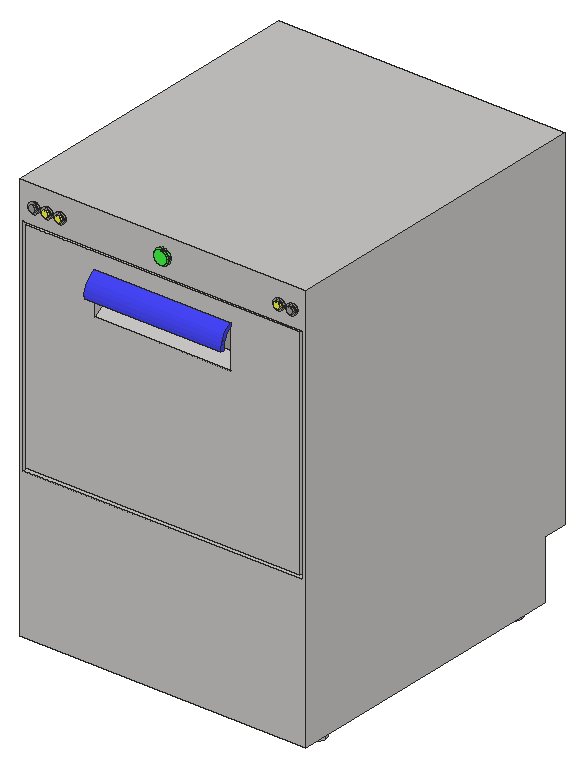
Revit family "QF_ZANUSSI_402278_ZXSP", category Specialty Equipment, Revit 2018
Family settings
  Round Connector Dimension = Use Diameter
  Part Type = Normal
  Work Plane-Based = No
  Always vertical = Yes
  Cut with Voids When Loaded = No
  Shared = No
  Room Calculation Point = No
Parameters (values of type "Standard")
  Weight = 34.50 kg
  Watts = 0 W
  Volts = 220 V
  URL Manufacturer = "http://professional.electrolux.com"
  URL = "http://professional.electrolux.com"
  Steam Supply Size = 0 mm
  Steam Supply Minimum Pressure = 0.0 Pa
  Steam Supply Maximum Pressure = 0.0 Pa
  Steam Pounds per Hour = 0
  Show Logo [instance] = yes
  Show Clearance [instance] = yes
  Refrigeration Suction Line Size = 0 mm
  Refrigeration Liquid Line Size = 0 mm
  Refrigerant Compressor Remote = yes
  Manufacturer = "Electrolux Professional"
  Phase = 1
  Model = "EXSP"
  Length Actual = 440 mm  # constant formula
  Item Number = "402274"
  Hot Water Size = 0 mm
  Height Actual = 640 mm  # constant formula
  HP = "3.6 HP"
  Gas Size = 0 mm
  Gas KW = 0
  Gas Input Pressure = 0 W
  Direct Waste Size = 29 mm
  Description = "GLASSWASHER(XS), SINGLE SKIN, DRAIN PUMP, 30B/H"
  Depth Actual = 497 mm  # constant formula
  Cycle = 50 Hz
  Condensate Return Size = 0 mm
  Compressed Air Volume = 0.0 L/s
  Compressed Air Size = 0 mm
  Compressed Air Pressure = 0.0 Pa
  Cold Water Size = 19.05 mm
  Accessory = yes
Types (2, lengths in mm): name | URL | Manufacturer | Phase | Model | Description | Cold Water Size
  (no name) | "http://professional.electrolux.com/" | 0 | 0 | 0 | 0 | 0
  Standard | "http://professional.electrolux.com" | "Electrolux Professional" | 1 | "EXSP" | "GLASSWASHER(XS), SINGLE SKIN, DRAIN PUMP, 30B/H" | 19.05
Values of the unnamed type that differ from the named types
  Volts = 0 V
  URL Manufacturer = ""
  Item Number = ""
  Cycle = 0 Hz
Reference planes
  plane 1 "Center (Front/Back)": y = 0
  plane 2: z = 0
  plane 3 "Center (Left/Right)": x = 0
  plane 4 "LEFT": x = -220
  plane 5 "RIGHT": x = 220
  plane 6 "FRONT": y = -248.5
  plane 7 "BACK": y = 248.5
  plane 8: z = 640
  plane 9: z = 10
  plane 10: y = 209.5
Forms (mm)
  Extrusion 1, solid, material "QF_Finishes_Stainless Steel"
    sketch origin (0, 0, 0) x (1, 0, 0) y (0, 1, 0)
      loop
        line (-220, -248.5) -> (220, -248.5) -> (220, 209.5) -> (-220, 209.5) -> (-220, -248.5)
    from 10 to 640
  Extrusion 2, solid, material "QF_Finishes_Stainless Steel"
    sketch origin (0, 0, 0) x (1, 0, 0) y (0, 1, 0)
      loop
        line (-220, 209.5) -> (220, 209.5) -> (220, 248.5) -> (-220, 248.5) -> (-220, 209.5)
    from 100 to 640
  Extrusion 3, solid, material "QF_Finishes_Stainless Steel"
    sketch origin (0, 0, 0) x (1, 0, 0) y (0, 1, 0)
      loop
        circle (-200.5, 174.5) r 12.5
      loop
        circle (200.5, 174.5) r 12.5
      loop
        circle (-200.5, -201.5) r 12.5
      loop
        circle (200.5, -201.5) r 12.5
    from 0 to 10
  Extrusion 4, void
    sketch origin (-220, -248.5, 0) x (-1, 0, 0) y (0, 0, 1)
      loop
        line (-5, 583.217) -> (-435, 583.217) -> (-435, 240) -> (-5, 240) -> (-5, 583.217)
    from 0 to 30
  Extrusion 5, solid, material "QF_Finishes_Stainless Steel"
    sketch origin (-155, -431, 752) x (0, 0, -1) y (1, 0, 0)
      loop
        circle (693, 223) r 10
    from -640.5 to -679.5
  Extrusion 6, solid, material "QF_Door-Drawer Clearances", visible <- "Show Clearance", detail levels coarse
    sketch origin (-230, -282.5, 0) x (0, 1, 0) y (0, 0, -1)
      loop
        line (34, -245) -> (-259, -245)
        arc (-259, -245) -> (-178.223, -469.983) -> (34, -580) r 327.223
        line (34, -580) -> (34, -245)
    from -20 to -440
  Extrusion 7, solid, material "QF_Finishes_Stainless Steel"
    sketch origin (-434.481, -431, 722) x (0, 0, -1) y (1, 0, 0)
      loop
        circle (663, 332.481) r 8
    from -640.5 to -679.5
  Extrusion 8, solid, material "QF_Finishes_Stainless Steel"
    sketch origin (-230, -282.5, 0) x (0, 1, 0) y (0, 0, -1)
      loop
        line (34, -245) -> (34, -580) -> (59, -580) -> (59, -245) -> (34, -245)
    from -19.799 to -440
  Extrusion 9, solid, material "QF_Finishes_Stainless Steel"
    sketch origin (-275, -431, 682.5) x (0, 0, -1) y (1, 0, 0)
      loop
        circle (663, 238) r 8
    from -640.5 to -679.5
  Extrusion 10, solid, material "QF_Finishes_Green"
    sketch origin (-230, -248.5, 0) x (1, 0, 0) y (0, 0, 1)
      loop
        circle (230, 610.819) r 12
      loop
        circle (230, 610.819) r 10
    from 0 to 2.5
  Extrusion 11, void
    sketch origin (-225.452, 209.5, 42.5) x (0, 1, 0) y (0, 0, 1)
      loop
        line (-458, 508.217) -> (-458, 447.5) -> (-436.349, 460) -> (-458, 508.217)
    from 120.452 to 330.452
  Extrusion 12, solid, material "QF_Finishes_Blue"
    sketch origin (-220, 209.5, 0) x (0, -1, 0) y (0, 0, 1)
      loop
        line (458, 555.863) -> (458, 550.513)
        arc (458, 550.513) -> (469.966, 539.801) -> (472.861, 524.005) r 24.803
        line (472.861, 524.005) -> (477.907, 524.005)
        arc (477.907, 524.005) -> (473.605, 543.465) -> (458, 555.863) r 29.803
    from -325 to -115
  Extrusion 13, solid, material "QF_Finishes_Green"
    sketch origin (234, -248.5, -28.75) x (-1, 0, 0) y (0, 0, -1)
      loop
        circle (234, -639.569) r 10
    from 0 to 5
  Extrusion 14, solid, material "QF_Finishes_Gray"
    sketch origin (109.577, -248.5, -30.575) x (-1, 0, 0) y (0, 0, -1)
      loop
        circle (306.936, -638.972) r 5
    from 0 to 5
  Extrusion 15, solid, material "QF_Finishes_Gray"
    sketch origin (-63.82, -248.5, -35.2) x (1, 0, 0) y (0, 0, 1)
      loop
        circle (262.936, 643.347) r 8
      loop
        circle (262.936, 643.347) r 5
      loop
        circle (242.936, 643.347) r 8
      loop
        circle (242.936, 643.347) r 5
    from 0 to 2.5
  Extrusion 16, solid, material "QF_Finishes_Gray"
    sketch origin (-87.82, -248.5, -30.825) x (1, 0, 0) y (0, 0, 1)
      loop
        circle (286.936, 638.972) r 5
    from 0 to 5
  Extrusion 17, solid, material "QF_Finishes_Gray"
    sketch origin (85.577, -248.5, -34.95) x (-1, 0, 0) y (0, 0, -1)
      loop
        circle (262.936, -643.347) r 8
      loop
        circle (262.936, -643.347) r 5
      loop
        circle (242.936, -643.347) r 8
      loop
        circle (242.936, -643.347) r 5
      loop
        circle (282.936, -643.347) r 8
      loop
        circle (282.936, -643.347) r 5
    from 0 to 2.5
  Extrusion 18, solid, material "QF_Finishes_Yellow"
    sketch origin (129.577, -248.5, -30.575) x (-1, 0, 0) y (0, 0, -1)
      loop
        circle (306.936, -638.972) r 5
    from 0 to 5
  Extrusion 19, solid, material "QF_Finishes_Yellow"
    sketch origin (149.577, -248.5, -30.575) x (-1, 0, 0) y (0, 0, -1)
      loop
        circle (306.936, -638.972) r 5
    from 0 to 5
  Extrusion 20, solid, material "QF_Finishes_Yellow"
    sketch origin (486.051, -248.5, -30.825) x (-1, 0, 0) y (0, 0, -1)
      loop
        circle (306.936, -638.972) r 5
    from 0 to 5
Cuts and joins
  Extrusion 4 cuts Extrusion 1
  joined: Extrusion 1, Extrusion 2
  Extrusion 11 cuts Extrusion 8
Lines and regions (mm)
  Split face 1
    outline origin (-220, -248.5, 640) x (0, 0, -1) y (1, 0, 0)
      loop
        line (56.783, 5) -> (56.783, 0)
      loop
        line (56.783, 435) -> (56.783, 440)
      loop
        line (22.034, 440) -> (22.034, 369.297)
        arc (22.034, 369.297) -> (22.64, 366.25) -> (24.366, 363.667) r 7.962
        line (24.366, 363.667) -> (44.289, 343.744)
        arc (44.289, 343.744) -> (46.135, 340.982) -> (46.783, 337.723) r 8.515
        line (46.783, 337.723) -> (46.783, 239.844)
        arc (46.783, 239.844) -> (46.096, 238.186) -> (44.439, 237.5) r 2.344
        line (44.439, 237.5) -> (15.017, 237.5)
        arc (15.017, 237.5) -> (12.73, 236.553) -> (11.783, 234.266) r 3.234
        line (11.783, 234.266) -> (11.783, 220) -> (11.783, 205.734)
        arc (11.783, 205.734) -> (12.73, 203.447) -> (15.017, 202.5) r 3.234
        line (15.017, 202.5) -> (44.439, 202.5)
        arc (44.439, 202.5) -> (46.096, 201.814) -> (46.783, 200.156) r 2.344
        line (46.783, 200.156) -> (46.783, 102.277)
        arc (46.783, 102.277) -> (46.135, 99.018) -> (44.289, 96.256) r 8.515
        line (44.289, 96.256) -> (24.366, 76.333)
        arc (24.366, 76.333) -> (22.64, 73.75) -> (22.034, 70.703) r 7.962
        line (22.034, 70.703) -> (22.034, 0)
  symbolic lines
    curve 1: line (-220, 248.5, 0) -> (220, 248.5, 0)
    curve 2: line (-220, -248.5, 0) -> (-220, 248.5, 0)
    curve 3: line (220, -248.5, 0) -> (-220, -248.5, 0)
    curve 4: line (220, 248.5, 0) -> (220, -248.5, 0)
    curve 8: line (-12, -251, 0) -> (12, -251, 0)
    curve 9: line (12, -251, 0) -> (12, -248.5, 0)
    curve 10: line (-12, -251, 0) -> (-12, -248.5, 0)
    curve 11: line (-10, -253.5, 0) -> (10, -253.5, 0)
    curve 12: line (10, -253.5, 0) -> (10, -251, 0)
    curve 13: line (-10, -253.5, 0) -> (-10, -251, 0)
    curve 16: line (-205.359, -251, 0) -> (-205.359, -248.5, 0)
    curve 17: line (-189.368, -251, 0) -> (-189.368, -248.5, 0)
    curve 18: line (-202.346, -253.5, 0) -> (-192.355, -253.5, 0)
    curve 19: line (-192.355, -253.5, 0) -> (-192.355, -251, 0)
    curve 20: line (-202.346, -253.5, 0) -> (-202.346, -251, 0)
    curve 21: line (-185.355, -251, 0) -> (-169.355, -251, 0)
    curve 22: line (-169.355, -251, 0) -> (-169.355, -248.5, 0)
    curve 23: line (-185.355, -251, 0) -> (-185.355, -248.5, 0)
    curve 24: line (-182.355, -253.5, 0) -> (-172.355, -253.5, 0)
    curve 25: line (-172.355, -253.5, 0) -> (-172.355, -251, 0)
    curve 26: line (-182.355, -253.5, 0) -> (-182.355, -251, 0)
    curve 27: line (-165.355, -251, 0) -> (-149.355, -251, 0)
    curve 28: line (-149.355, -251, 0) -> (-149.355, -248.5, 0)
    curve 29: line (-165.355, -251, 0) -> (-165.355, -248.5, 0)
    curve 30: line (-162.355, -253.5, 0) -> (-152.355, -253.5, 0)
    curve 31: line (-152.355, -253.5, 0) -> (-152.355, -251, 0)
    curve 32: line (-162.355, -253.5, 0) -> (-162.355, -251, 0)
    curve 33: line (171.115, -251, 0) -> (187.115, -251, 0)
    curve 34: line (187.115, -251, 0) -> (187.115, -248.5, 0)
    curve 35: line (174.115, -253.5, 0) -> (184.115, -253.5, 0)
    curve 36: line (184.115, -253.5, 0) -> (184.115, -251, 0)
    curve 37: line (174.115, -253.5, 0) -> (174.115, -251, 0)
    curve 38: line (171.115, -251, 0) -> (171.115, -248.5, 0)
    curve 39: line (191.115, -251, 0) -> (207.115, -251, 0)
    curve 40: line (207.115, -251, 0) -> (207.115, -248.5, 0)
    curve 41: line (194.115, -253.5, 0) -> (204.115, -253.5, 0)
    curve 42: line (204.115, -253.5, 0) -> (204.115, -251, 0)
    curve 43: line (194.115, -253.5, 0) -> (194.115, -251, 0)
    curve 44: line (191.115, -251, 0) -> (191.115, -248.5, 0)
    curve 45: line (-105, -248.5, 0) -> (-105, -268.634, 0)
    curve 46: line (105, -248.5, 0) -> (105, -268.634, 0)
    curve 47: line (105, -268.634, 0) -> (-105, -268.634, 0)
  symbolic lines, style "QF_Door-Drawer Clearances"
    curve 5: line (-210, -541.5, 0) -> (210, -541.5, 0)
    curve 6: line (210, -541.5, 0) -> (210, -248.5, 0)
    curve 7: line (-210, -541.5, 0) -> (-210, -248.5, 0)
  symbolic lines, style "SpecialityEquipmentHiddenLines"
    curve 14: line (-220, 209.5, 0) -> (220, 209.5, 0)
  symbolic lines, style "SpecialityEquipment"
    curve 15: line (-205.359, -251, 0) -> (-189.368, -251, 0)
Dimensions and locks
  equal spacing: plane 4 "LEFT", plane 3 "Center (Left/Right)", plane 5 "RIGHT"
  equal spacing: plane 7 "BACK", plane 1 "Center (Front/Back)", plane 6 "FRONT"
  plane 7 "BACK" to plane 6 "FRONT" = 497 mm
  plane 4 "LEFT" to plane 5 "RIGHT" = 440 mm
  locked: plane 9 to level at 10
  plane 4 "LEFT" to plane 3 "Center (Left/Right)" = 220 mm
  plane 8 to level = 640 mm  (x2)
  level to Extrusion 9 sketch curve = 19.5 mm
  Extrusion 9 sketch curve to plane 4 "LEFT" = 183 mm
  level to Extrusion 5 sketch curve = 59 mm
  Extrusion 5 sketch curve to plane 4 "LEFT" = 288 mm
  Extrusion 7 sketch curve to plane 4 "LEFT" = 118 mm
  level to Extrusion 7 sketch curve = 59 mm
  Extrusion 3 to cut or joined group of Extrusion 1, Extrusion 2, Extrusion 4 = 74 mm
  Extrusion 3 to Extrusion 3 = 376 mm
  plane 6 "FRONT" to Extrusion 3 = 47 mm
  plane 1 "Center (Front/Back)" to plane 6 "FRONT" = 248.5 mm
  locked: plane 7 "BACK" to plane 10 at 39
  plane 6 "FRONT" to curve 5 = 293 mm
  Extrusion 8 to cut or joined group of Extrusion 1, Extrusion 2, Extrusion 4 = 340 mm
  aligned and locked: level to plane 2
  aligned and locked: Extrusion 1 sketch curve to plane 6 "FRONT"
  aligned and locked: Extrusion 1 sketch curve to plane 4 "LEFT"
  aligned and locked: plane 5 "RIGHT" to Extrusion 1 sketch curve
  aligned and locked: Extrusion 1 to plane 9
  aligned and locked: Extrusion 2 sketch curve to Extrusion 1
  aligned and locked: plane 7 "BACK" to Extrusion 2 sketch curve
  aligned and locked: plane 5 "RIGHT" to Extrusion 2 sketch curve
  aligned and locked: plane 9 to Extrusion 3
  aligned and locked: cut or joined group of Extrusion 1, Extrusion 2, Extrusion 4 to plane 10
Automatic sketch dimensions
  Extrusion 11 sketch curve to plane 6 "FRONT" = 0 mm
  plane 6 "FRONT" to Extrusion 11 sketch curve = 21.651 mm
  Extrusion 11 sketch curve to plane 8 = 150 mm
  Extrusion 11 sketch curve to Extrusion 11 sketch curve = 12.5 mm
  Extrusion 11 sketch curve to Extrusion 11 sketch curve = 48.217 mm
  Extrusion 13 sketch curve to Extrusion 13 sketch curve = 0 mm  (x2)
  Extrusion 13 sketch curve to plane 3 "Center (Left/Right)" = 0 mm
  Extrusion 13 sketch curve to plane 8 = 29.181 mm
  plane 3 "Center (Left/Right)" to Extrusion 13 sketch curve = 10 mm
  Extrusion 14 sketch curve to Extrusion 14 sketch curve = 0 mm  (x2)
  Extrusion 14 sketch curve to plane 8 = 31.603 mm
  Extrusion 14 sketch curve to plane 3 "Center (Left/Right)" = 197.359 mm
  Extrusion 14 sketch curve to Extrusion 14 sketch curve = 5 mm
  Extrusion 15 sketch curve to Extrusion 15 sketch curve = 0 mm  (x5)
  plane 3 "Center (Left/Right)" to Extrusion 15 sketch curve = 179.115 mm
  Extrusion 15 sketch curve to Extrusion 15 sketch curve = 20 mm
  Extrusion 15 sketch curve to plane 8 = 31.853 mm
  Extrusion 16 sketch curve to plane 8 = 31.853 mm
  plane 3 "Center (Left/Right)" to Extrusion 16 sketch curve = 199.115 mm
  Extrusion 16 sketch curve to Extrusion 16 sketch curve = 5 mm
  Extrusion 17 sketch curve to Extrusion 17 sketch curve = 0 mm  (x8)
  Extrusion 17 sketch curve to plane 3 "Center (Left/Right)" = 157.359 mm
  Extrusion 17 sketch curve to Extrusion 17 sketch curve = 20 mm  (x2)
  Extrusion 17 sketch curve to plane 8 = 31.603 mm
  Extrusion 18 sketch curve to Extrusion 18 sketch curve = 0 mm  (x2)
  Extrusion 18 sketch curve to plane 8 = 31.603 mm
  Extrusion 18 sketch curve to plane 3 "Center (Left/Right)" = 177.359 mm
  Extrusion 18 sketch curve to Extrusion 18 sketch curve = 5 mm
  Extrusion 19 sketch curve to Extrusion 19 sketch curve = 0 mm  (x2)
  Extrusion 19 sketch curve to plane 3 "Center (Left/Right)" = 157.359 mm
  Extrusion 19 sketch curve to plane 8 = 31.603 mm
  Extrusion 19 sketch curve to Extrusion 19 sketch curve = 5 mm
  Extrusion 20 sketch curve to Extrusion 20 sketch curve = 0 mm  (x2)
  plane 3 "Center (Left/Right)" to Extrusion 20 sketch curve = 179.115 mm
  Extrusion 20 sketch curve to plane 8 = 31.853 mm
  Extrusion 20 sketch curve to Extrusion 20 sketch curve = 5 mm
  Extrusion 6 sketch curve to plane 6 "FRONT" = 0 mm
  Extrusion 6 sketch curve to plane 6 "FRONT" = 293 mm
  plane 6 "FRONT" to Extrusion 6 sketch curve = 34.083 mm
  Extrusion 6 sketch curve to plane 8 = 60 mm
  level to Extrusion 6 sketch curve = 254.557 mm
  Extrusion 1 sketch curve to plane 10 = 0 mm
  Extrusion 2 sketch curve to plane 10 = 0 mm
  plane 4 "LEFT" to Extrusion 3 sketch curve = 19.5 mm  (x2)
  Extrusion 3 sketch curve to plane 5 "RIGHT" = 19.5 mm  (x2)
  plane 6 "FRONT" to Extrusion 3 sketch curve = 47 mm  (x2)
  Extrusion 3 sketch curve to plane 10 = 35 mm  (x2)
  Extrusion 4 sketch curve to Extrusion 1 = 5 mm  (x2)
  Extrusion 4 sketch curve to Extrusion 1 = 230 mm
  Extrusion 4 sketch curve to Extrusion 1 = 56.783 mm
  Extrusion 8 sketch curve to plane 6 "FRONT" = 0 mm
  Extrusion 8 sketch curve to Extrusion 8 sketch curve = 25 mm
  Extrusion 8 sketch curve to plane 8 = 60 mm
  plane 9 to Extrusion 8 sketch curve = 235 mm
  Extrusion 10 sketch curve to Extrusion 10 sketch curve = 0 mm  (x2)
  Extrusion 1 to Extrusion 10 sketch curve = 29.181 mm
  Extrusion 1 to Extrusion 10 sketch curve = 220 mm
  Extrusion 12 sketch curve to Extrusion 12 sketch curve = 0 mm  (x2)
  Extrusion 12 sketch curve to Extrusion 1 = 0 mm
  Extrusion 12 sketch curve to Extrusion 1 = 9.669 mm
  Extrusion 1 to Extrusion 12 sketch curve = 14.861 mm
  Extrusion 12 sketch curve to Extrusion 12 sketch curve = 5.046 mm
  Extrusion 1 to Extrusion 12 sketch curve = 115.995 mm
  Extrusion 12 sketch curve to Extrusion 12 sketch curve = 3.668 mm
  cut or joined group of Extrusion 1, Extrusion 2, Extrusion 4 to Split face 1 sketch curve = 0 mm  (x2)
  Split face 1 sketch curve to cut or joined group of Extrusion 1, Extrusion 2, Extrusion 4 = 0 mm  (x6)
  cut or joined group of Extrusion 1, Extrusion 2, Extrusion 4 to Split face 1 sketch curve = 10 mm  (x2)
  Split face 1 sketch curve to Split face 1 sketch curve = 2.344 mm  (x2)
  Split face 1 sketch curve to Split face 1 sketch curve = 2.494 mm  (x2)
  Split face 1 sketch curve to Split face 1 sketch curve = 8.515 mm  (x2)
  cut or joined group of Extrusion 1, Extrusion 2, Extrusion 4 to Split face 1 sketch curve = 26.786 mm  (x2)
  Split face 1 sketch curve to Split face 1 sketch curve = 5.63 mm  (x2)
  Split face 1 sketch curve to Split face 1 sketch curve = 2.332 mm  (x2)
  Split face 1 sketch curve to cut or joined group of Extrusion 1, Extrusion 2, Extrusion 4 = 15.017 mm  (x2)
  Split face 1 sketch curve to cut or joined group of Extrusion 1, Extrusion 2, Extrusion 4 = 11.783 mm
  Split face 1 sketch curve to cut or joined group of Extrusion 1, Extrusion 2, Extrusion 4 = 65.703 mm
  Split face 1 sketch curve to Split face 1 sketch curve = 19.923 mm  (x2)
  Split face 1 sketch curve to Split face 1 sketch curve = 97.879 mm
  Split face 1 sketch curve to Split face 1 sketch curve = 14.266 mm  (x2)
  Split face 1 sketch curve to cut or joined group of Extrusion 1, Extrusion 2, Extrusion 4 = 97.277 mm
  curve 1 to plane 4 "LEFT" = 0 mm
  curve 7 to plane 6 "FRONT" = 0 mm
  curve 3 to plane 5 "RIGHT" = 0 mm
  curve 14 to plane 10 = 0 mm
  curve 2 to plane 7 "BACK" = 0 mm
  plane 4 "LEFT" to curve 5 = 10 mm
  curve 15 to plane 6 "FRONT" = 2.5 mm
  curve 7 to curve 15 = 4.641 mm
  curve 15 to curve 20 = 3.013 mm
  curve 18 to curve 18 = 9.991 mm
  curve 19 to curve 15 = 2.987 mm
  curve 15 to curve 21 = 4.013 mm
  curve 21 to curve 26 = 3 mm
  curve 24 to plane 6 "FRONT" = 5 mm
  curve 24 to curve 24 = 10 mm
  curve 25 to curve 22 = 3 mm
  curve 21 to curve 29 = 4 mm
  curve 27 to curve 32 = 3 mm
  curve 31 to plane 6 "FRONT" = 5 mm
  curve 30 to curve 31 = 10 mm
  curve 31 to curve 27 = 3 mm
  curve 8 to plane 6 "FRONT" = 2.5 mm
  curve 8 to plane 3 "Center (Left/Right)" = 12 mm
  curve 8 to curve 11 = 2 mm
  plane 3 "Center (Left/Right)" to curve 12 = 10 mm
  curve 12 to curve 9 = 2 mm
  curve 33 to plane 6 "FRONT" = 2.5 mm
  curve 33 to plane 5 "RIGHT" = 48.885 mm
  curve 33 to curve 37 = 3 mm
  curve 35 to plane 6 "FRONT" = 5 mm
  curve 35 to curve 35 = 10 mm
  curve 36 to curve 34 = 3 mm
  curve 33 to curve 39 = 4 mm
  curve 39 to curve 43 = 3 mm
  curve 42 to plane 6 "FRONT" = 5 mm
  curve 41 to curve 42 = 10 mm
  curve 42 to curve 39 = 3 mm
  curve 6 to plane 5 "RIGHT" = 10 mm
  curve 11 to curve 13 = 2.5 mm
  curve 20 to curve 20 = 2.5 mm
  curve 44 to plane 6 "FRONT" = 2.5 mm
  curve 21 to plane 6 "FRONT" = 2.5 mm
  curve 27 to plane 6 "FRONT" = 2.5 mm
  curve 27 to curve 45 = 44.355 mm
  curve 46 to plane 6 "FRONT" = 20.134 mm
  curve 46 to curve 33 = 66.115 mm
  radius of Extrusion 5 sketch curve = 10 mm
  radius of Extrusion 7 sketch curve = 8 mm
  radius of Extrusion 9 sketch curve = 8 mm
  radius of Extrusion 15 sketch curve = 8 mm  (x2)
  radius of Extrusion 15 sketch curve = 5 mm  (x2)
  radius of Extrusion 17 sketch curve = 8 mm  (x3)
  radius of Extrusion 17 sketch curve = 5 mm  (x3)
  radius of Extrusion 3 sketch curve = 12.5 mm  (x4)
  radius of Extrusion 10 sketch curve = 12 mm
  radius of Extrusion 10 sketch curve = 10 mm
Connectors
  piping at (68, 248.5, 59), diameter 20
    settings: on Extrusion 5, index 1, connector inside diameter 609.6 mm, connector length 0 mm, flow factor 0, pipe flow 0.0 L/s, pressure drop 0.0 Pa, fitting loss kfactor 0, connector angle 0.00°, fixture units 0, engagement length 0 mm, angle of deflection 0.00°, flow configuration 1, flow direction 1, fitting loss method 0, system type 16, joint type 0, gender type 0, connector reference index -1, connector utility 0, adjustable connector no, is connector primary yes, connector description "Drain"
  piping at (-102, 248.5, 59), diameter 19.05, driven by "Cold Water Size"
    settings: on Extrusion 7, index 3, connector inside diameter 609.6 mm, connector length 0 mm, flow factor 0, pipe flow 0.0 L/s, pressure drop 0.0 Pa, fitting loss kfactor 0, connector angle 0.00°, fixture units 0, engagement length 0 mm, angle of deflection 0.00°, flow configuration 1, flow direction 1, fitting loss method 0, system type 20, joint type 0, gender type 0, connector reference index -1, connector utility 0, adjustable connector no, is connector primary no, connector description "Cold Water Inlet"
  electrical at (-37, 248.5, 19.5), driven by "Volts"
    settings: on Extrusion 9, index 4, voltage 220 V, apparent load 0 VA, apparent load phase1 0 VA, apparent load phase2 0 VA, apparent load phase3 0 VA, power factor 1, load classification "Altro", number of poles 1, system type 31, power factor state 1, is connector primary yes, connector utility no, sub classification motor no, connector description "Electrical Connection"
